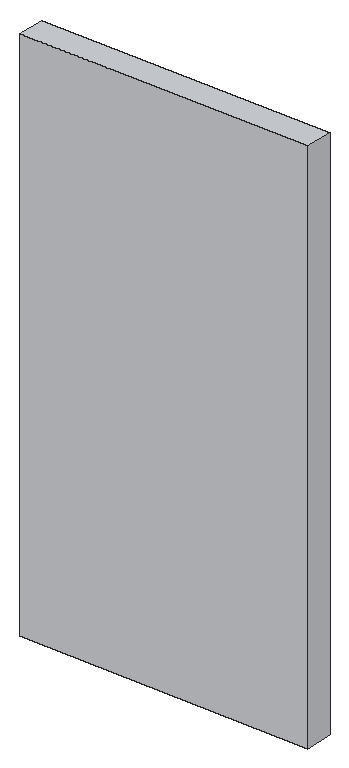
Revit family "Lighting_Fixture-Wall-Astro-Palermo", category Lighting Fixtures, host Face, Revit 2014
Parameters (values of type "0780 Palermo 600")
  Width = 602.00 mm
  Weight = "1.9 kg"
  Wattage Comments = "28W"
  Wattage = 9.2903 W
  built-in parameter 1150110 = 1 (stored number, unit not read)
  Voltage = 230 V
  URL = "www.astrolighting.co.uk"
  Type Comments = "- Can be mounted horizontally or vertically\r\n - Includes integral electronic ballast"
  built-in parameter 1114217 = 1 (stored number, unit not read)
  Tilt Angle = 90.00°  # constant formula
  built-in parameter 1150109 = 1 (stored number, unit not read)
  built-in parameter 1150134 = (empty or 0)
  built-in parameter 1150113 = 1 (stored number, unit not read)
  Suitable for bathroom zone = "Zone 2, 3"
  Product Documentation = "http://www.astrolighting.co.uk/\r\nproducts/kw/0780/0780_Palermo-600"
  Photometric Web File = "0780 palermo 600.ies"
  Number of Poles = 1
  Mountable on normally flammable surfaces = "Yes"
  Model = "0780 Palermo 600"
  Manufacturer = "Astro Lighting Ltd, CM20 2DP"
  Lumens = 1380 lm
  Luminaire Lamp Efficiency Rating = "A*-C"
  built-in parameter 1150115 = 1 (stored number, unit not read)
  built-in parameter 1150105 = 109.82 (stored number, unit not read)
  Light Source From Wall = 45.50 mm
  Light Source Elevation = 1600.00 mm
  built-in parameter 1150137 = (empty or 0)
  built-in parameter 1150139 = (empty or 0)
  Length = 61.00 mm
  built-in parameter 1150112 = 1 (stored number, unit not read)
  built-in parameter 1150114 = 1 (stored number, unit not read)
  Lamp included = "No"
  Lamp = "T5"
  built-in parameter 1150132 = 2
  built-in parameter 1150102 = (empty or 0)
  built-in parameter 1150138 = (empty or 0)
  built-in parameter 1150107 = 3000 (stored number, unit not read)
  built-in parameter 1150106 = 1.0982 (stored number, unit not read)
  IP Rating = "IP44"
  Height = 40.00 mm
  Energy Efficiency Rating = "A"
  Emit from Rectangle Width = Diffuser Length  # 402.00 mm
  Emit from Rectangle Length = Height - 4.00 mm  # 36.00 mm
  Emit Shape Visible in Rendering = no
  built-in parameter 1150104 = 13.8 (stored number, unit not read)
  Dimming Lamp Color Temperature Shift = <None>
  Dimmable = "No"
  Diffuser Length = 402.00 mm
  Description = "Mirror Light"
  Default Elevation [instance] = 1700.00 mm
  Color Filter = 16777215
  Class = 2
  Casing Material = Astro - Aluminium - Chrome Finish
  Cable Entry Placer (from right) = 211.00 mm
  built-in parameter 1114218 = 1 (stored number, unit not read)
  built-in parameter 1150133 = 10 (stored number, unit not read)
  Manufacturer Contact = "01279 427001"
  Assembly Code = "D5020200"
  Apparent Load = 15.4 VA
Types (5, lengths in mm): name | Width | Weight | Wattage Comments | Product Documentation | Photometric Web File | Model | Luminaire Lamp Efficiency Rating | Energy Efficiency Rating | Emit from Rectangle Width | Diffuser Length | Cable Entry Placer (from right) | Apparent Load
  0780 Palermo 600 | 602.00 | "1.9 kg" | "28W" | "http://www.astrolighting.co.uk/\r\nproducts/kw/0780/0780_Palermo-600" | "0780 palermo 600.ies" | "0780 Palermo 600" | "A*-C" | "A" | 402.00 | 402.00 | 211.00 | 15.4 VA
  0837 Palermo 600 HO | 602.00 | "1.07 kg" | "24W" | "http://www.astrolighting.co.uk/\r\nproducts/kw/0837/0837\r\n_Palermo-600-(Hi-Output)" | "0837 palermo 600 high output.ies" | "0837 Palermo 600 HO" | "A*-A" | "N/A" | 402.00 | 402.00 | 211.00 | 36.8 VA
  0479 Palermo 900 | 900.00 | "1.47 kg" | "21W" | "http://www.astrolighting.co.uk/products\r\n/kw/0479/0479_Palermo-900" | "0479 PALERMO 900.ies" | "0479 Palermo 900" | "A*-A" | "-" | 700.00 | 700.00 | 450.00 | 22.7 VA
  0838 Palermo 900 HO | 900.00 | "1.5 kg" | "39W" | "http://www.astrolighting.co.uk/products\r\n/kw/0838/0838_Palermo-900-(Hi-Output)" | "0838 PALERMO 900 HIGH OUTPUT.ies" | "0838 Palermo 900 HO" | "A*-A" | "-" | 700.00 | 700.00 | 450.00 | 37.3 VA
  0627 Palermo 1200 | 1202.00 | "1.9 kg" | "28W" | "http://www.astrolighting.co.uk/\r\nproducts/kw/0627/0627_Palermo-1200" | "0627 PALERMO 1200.ies" | "0627 Palermo 1200" | "A*-C" | "A" | 1002.00 | 1002.00 | 601.00 | 30.07 VA
Reference planes
  plane 1: y = -75
  plane 2 "Light Source Axis (L/R)": x = 125
  plane 3 "Light Source Axis (F/R)": y = 45.5
  plane 4 "Light Source Elevation": z = 1600
  plane 5: y = -150
  plane 6 "Center (Elevation)": z = 1600
  plane 7: z = 0
  plane 8 "Top": z = 1620
  plane 9 "Bottom": z = 1580
  plane 10 "Left": x = 426
  plane 11 "Right": x = -176
  plane 12 "Front": y = 61
  plane 13: y = 0
  plane 14: x = -76
  plane 15: x = 326
Forms (mm)
  Extrusion 1, solid
    sketch origin (140, -150, 1500) x (0, 0, 1) y (1, 0, 0)
      loop
        line (-1500, -800) -> (1500, -800) -> (1500, 800) -> (-1500, 800) -> (-1500, -800)
    from 0 to 150
  Extrusion 2, solid, material "Astro - Aluminium - Chrome Finish" <- "Casing Material"
    sketch origin (125, 0, 0) x (0, 1, 0) y (0, 0, 1)
      loop
        line (41, 1620) -> (0, 1620) -> (0, 1580) -> (41, 1580)
        arc (41, 1580) -> (61, 1600) -> (41, 1620) r 20
    from -301 to -201
  Extrusion 3, solid, material "Astro - Aluminium - Chrome Finish" <- "Casing Material"
    sketch origin (595.243, 0, 0) x (0, 1, 0) y (0, 0, 1)
      loop
        line (41, 1620) -> (0, 1620) -> (0, 1580) -> (41, 1580)
        arc (41, 1580) -> (61, 1600) -> (41, 1620) r 20
    from -269.243 to -169.243
  Extrusion 4, solid, material "Astro - Aluminium - Chrome Finish" <- "Casing Material"
    sketch origin (125, 0, 0) x (0, 1, 0) y (0, 0, 1)
      loop
        line (0, 1618.5) -> (0, 1581.5) -> (26, 1581.5) -> (26, 1618.5) -> (0, 1618.5)
    from -201 to 201
  Extrusion 5, solid, material "Astro - Polycarbonate - White"
    sketch origin (125, 0, 0) x (0, 1, 0) y (0, 0, 1)
      loop
        line (26, 1581.5) -> (41, 1581.5)
        arc (41, 1581.5) -> (59.5, 1600) -> (41, 1618.5) r 18.5
        line (41, 1618.5) -> (26, 1618.5) -> (26, 1616.5) -> (41, 1616.5)
        arc (41, 1616.5) -> (57.5, 1600) -> (41, 1583.5) r 16.5
        line (41, 1583.5) -> (26, 1583.5) -> (26, 1581.5)
    from -201 to 201
  Extrusion 6, void
    sketch origin (0, 61, 0) x (-1, 0, 0) y (0, 0, 1)
      loop
        circle (-35, 1600) r 5
    from -61 to -48.865
  Extrusion 7, solid, material "Default", not visible
    sketch origin (0, 61, 0) x (-1, 0, 0) y (0, 0, 1)
      loop
        circle (-35, 1600) r 5
    from -61 to -55.592
Cuts and joins
  Extrusion 6 cuts Extrusion 4
Text (mm)
  text "Placement side" at (-1787.139, 1116.779, 0), in view "Ref. Level"
  text "Placement side" at (0, 2110.396, 2986.058), in view "Left"
  text "Placement side" at (0, 628.478, 3011.967), in view "Right"
Dimensions and locks
  equal spacing: plane 9 "Bottom", plane 6 "Center (Elevation)", plane 8 "Top"
  "Height": plane 9 "Bottom" to plane 8 "Top"
  equal spacing: plane 11 "Right", plane 2 "Light Source Axis (L/R)", plane 10 "Left"
  "Width": plane 11 "Right" to plane 10 "Left"
  locked: plane 1 to plane 13 at 75
  "Length": plane 12 "Front" to plane 13
  "Light Source From Wall": plane 3 "Light Source Axis (F/R)" to plane 13
  "Light Source Elevation": plane 7 to plane 4 "Light Source Elevation"
  equal spacing: plane 14, plane 2 "Light Source Axis (L/R)", plane 15
  "Diffuser Length": plane 14 to plane 15
  locked: Extrusion 4 sketch curve to plane 13 at 26
  locked: Extrusion 5 sketch curve to plane 13 at 26  (x2)
  locked: Extrusion 5 sketch curve to plane 13 at 41  (x2)
  Extrusion 2 sketch curve to plane 13 = 41.00 mm
  Extrusion 3 sketch curve to plane 13 = 41.00 mm
  "Cable Entry Placer (from right)": plane 11 "Right" to Extrusion 7 sketch curve
  "Cable Entry Placer (from right)": plane 11 "Right" to Extrusion 6 sketch curve
  equal spacing: Extrusion 4 sketch curve, plane 6 "Center (Elevation)", Extrusion 4 sketch curve
  Extrusion 4 sketch curve to Extrusion 4 sketch curve = 37.00 mm
  aligned and locked: plane 13 to Extrusion 2 sketch curve
  aligned and locked: plane 11 "Right" to Extrusion 2
  aligned and locked: Extrusion 3 to plane 10 "Left"
  aligned and locked: Extrusion 3 sketch curve to plane 8 "Top"
  aligned and locked: plane 9 "Bottom" to Extrusion 3 sketch curve
  aligned and locked: plane 13 to Extrusion 3 sketch curve
  aligned and locked: Extrusion 4 sketch curve to plane 13
  aligned and locked: plane 14 to Extrusion 2
  aligned and locked: Extrusion 3 to plane 15
  aligned and locked: Extrusion 4 to Extrusion 3
  aligned and locked: Extrusion 4 to Extrusion 2
  aligned and locked: Extrusion 5 to plane 14
  aligned and locked: plane 15 to Extrusion 5
  aligned and locked: plane 6 "Center (Elevation)" to Extrusion 6 sketch curve
  aligned and locked: plane 6 "Center (Elevation)" to Extrusion 7 sketch curve
  aligned and locked: Extrusion 6 to plane 13
  aligned and locked: Extrusion 7 to plane 13
  aligned and locked: plane 6 "Center (Elevation)" to Extrusion 5 sketch curve  (x2)
  aligned and locked: plane 6 "Center (Elevation)" to Extrusion 2 sketch curve
  aligned and locked: plane 6 "Center (Elevation)" to Extrusion 3 sketch curve
  aligned and locked: Extrusion 2 sketch curve to plane 8 "Top"
  aligned and locked: plane 9 "Bottom" to Extrusion 2 sketch curve
  aligned and locked: plane 2 "Light Source Axis (L/R)" to imposter light
  aligned and locked: plane 3 "Light Source Axis (F/R)" to imposter light
  aligned and locked: imposter light to plane 6 "Center (Elevation)"
Automatic sketch dimensions
  Extrusion 1 sketch curve to Extrusion 1 sketch curve = 3000.00 mm
  Extrusion 1 sketch curve to Extrusion 1 sketch curve = 1600.00 mm
  plane 9 "Bottom" to Extrusion 5 sketch curve = 3.50 mm
  plane 9 "Bottom" to Extrusion 5 sketch curve = 1.50 mm
  radius of Extrusion 6 sketch curve = 5.00 mm
  radius of Extrusion 7 sketch curve = 5.00 mm
Connectors
  electrical at (35, 0, 1600)
    settings: on Extrusion 7, index 1, voltage 0 V, apparent load 0 VA, apparent load phase1 0 VA, apparent load phase2 0 VA, apparent load phase3 0 VA, power factor 1, load classification "Other", number of poles 1, system type 31, power factor state 1, is connector primary yes, connector utility no, sub classification motor no, connector description ""
